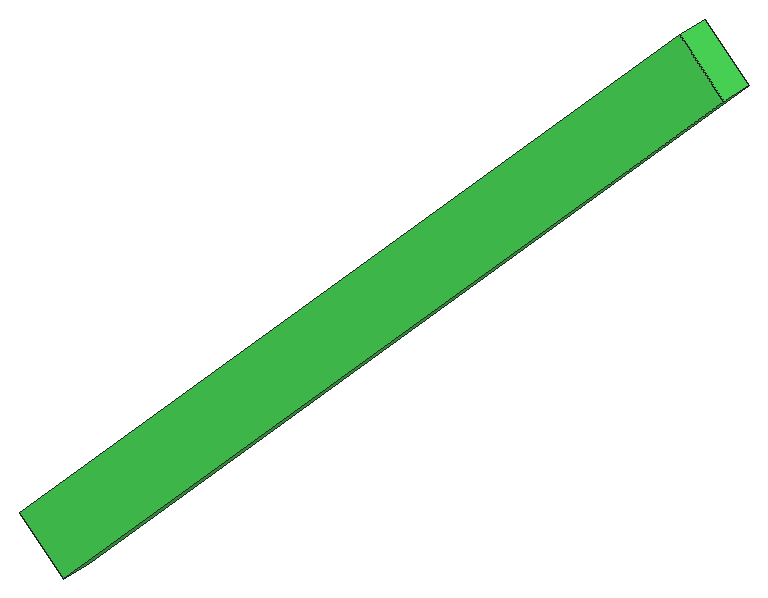
Revit family "機器サポート_H形鋼", category Generic Models, Revit 2020
Family settings
  Can host rebar = No
  Round Connector Dimension = Use Diameter
  Part Type = Normal
  Work Plane-Based = Yes
  Always vertical = No
  Cut with Voids When Loaded = No
  Shared = No
  Room Calculation Point = No
Parameters (values of type "Ｈ 100 x 50")
  高さ = 100 mm
  長辺 [instance] = 長さ  # 1500 mm
  長さ [instance] = 1500 mm
  部屋名 = ""
  角度 [instance] = 45.00°
  Default Elevation = 1219.2 mm
  構造マテリアル = E003_機器サポート
  幅 = 50 mm
Types (33, lengths in mm): name | 高さ | 長辺 | 長さ | 角度 | 幅
  Ｈ 900 x 300 | 900 | 1000 | 1000 | 45.00° | 300
  Ｈ 800 x 300 | 800 | 1000 | 1000 | 45.00° | 300
  Ｈ 700 x 300 | 700 | 1000 | 1000 | 45.00° | 300
  Ｈ 588 x 300 | 588 | 1000 | 1000 | 45.00° | 300
  Ｈ 600 x 200 | 600 | 1000 | 1000 | 45.00° | 200
  Ｈ 488 x 300 | 488 | 1000 | 1000 | 45.00° | 300
  Ｈ 500 x 200 | 500 | 1000 | 1000 | 45.00° | 200
  Ｈ 440 x 300 | 440 | 1000 | 1000 | 45.00° | 300
  Ｈ 450 x 200 | 450 | 1000 | 1000 | 90.00° | 200
  Ｈ 400 x 400 | 400 | 1000 | 1000 | 45.00° | 400
  Ｈ 390 x 300 | 390 | 1000 | 1000 | 45.00° | 300
  Ｈ 400 x 200 | 400 | 1000 | 1000 | 45.00° | 200
  Ｈ 350 x 350 | 350 | 1000 | 1000 | 45.00° | 350
  Ｈ 340 x 250 | 340 | 1000 | 1000 | 45.00° | 250
  Ｈ 294 x 200 | 294 | 1000 | 1000 | 45.00° | 200
  Ｈ 244 x 175 | 244 | 1000 | 1000 | 45.00° | 175
  Ｈ 350 x 175 | 350 | 1000 | 1000 | 45.00° | 175
  Ｈ 300 x 300 | 300 | 1000 | 1000 | 45.00° | 300
  Ｈ 300 x 150 | 300 | 1000 | 1000 | 45.00° | 150
  Ｈ 250 x 250 | 250 | 1000 | 1000 | 45.00° | 250
  Ｈ 250 x 125 | 250 | 1000 | 1000 | 45.00° | 125
  Ｈ 200 x 200 | 200 | 1000 | 1000 | 45.00° | 200
  Ｈ 194 x 150 | 194 | 1000 | 1000 | 45.00° | 150
  Ｈ 200 x 100 | 200 | 1000 | 1000 | 45.00° | 100
  Ｈ 175 x 175 | 175 | 1000 | 1000 | 45.00° | 175
  Ｈ 175 x 90 | 175 | 1000 | 1000 | 45.00° | 90
  Ｈ 150 x 150 | 150 | 500 | 500 | 45.00° | 150
  Ｈ 148 x 100 | 148 | 1000 | 1000 | 45.00° | 100
  Ｈ 150 x 75 | 150 | 1000 | 1000 | 45.00° | 75
  Ｈ 125 x 125 | 125 | 500 | 500 | 45.00° | 125
  Ｈ 125 x 60 | 125 | 1000 | 1000 | 45.00° | 60
  Ｈ 100 x100 | 100 | 500 | 500 | 45.00° | 100
  Ｈ 100 x 50 | 100 | 1500 | 1500 | 45.00° | 50
Reference planes
  plane 1 "中心(正面/背面)": y = 0
  plane 2: z = 0
  plane 3 "中心(左/右)": x = 0
Lines and regions (mm)
  reference lines
    curve 1: line (0, 0, 0) -> (777.817, 0, 777.817)
    curve 2: line (35.355, 0, -35.355) -> (-35.355, 0, 35.355)
    curve 3: line (1096.016, 0, 1025.305) -> (1025.305, 0, 1096.016)
Dimensions and locks
  equal spacing: curve 2, curve 1, curve 2
  "高さ": curve 2 to curve 2
  equal spacing: curve 3, curve 1, curve 3
  "高さ": curve 3 to curve 3
  "長さ": curve 3 to curve 2
  "角度": angle level to curve 1
  angle curve 2 to curve 1 = 90.00°
  angle curve 3 to curve 1 = 90.00°
  aligned and locked: level to plane 2
  aligned and locked: level to curve 1
  aligned and locked: plane 3 "中心(左/右)" to curve 1
  aligned and locked: nested 1 to curve 1
Nested families
  nested 1: "グレーチング_H形鋼 1" at (-35.355, 0, 35.355) x (0, 1, 0) z (0.7071, 0, -0.7071), 長さ <- "長さ", type "Ｈ 100 x 50"
    with 長辺 1500 mm, 長さ 1500 mm
Definition of nested family "グレーチング_H形鋼 1"
  Parameters (values of type "Ｈ 150 x 150")
    高さ = 150 mm
    長辺 [instance] = 長さ  # 500 mm
    長さ [instance] = 500 mm
    部屋名 = ""
    Default Elevation = 1219.2 mm
    構造マテリアル = none
    幅 = 150 mm
  Types (33, lengths in mm): name | 高さ | 長辺 | 長さ | 幅
    Ｈ 900 x 300 | 900 | 1000 | 1000 | 300
    Ｈ 800 x 300 | 800 | 1000 | 1000 | 300
    Ｈ 700 x 300 | 700 | 1000 | 1000 | 300
    Ｈ 588 x 300 | 588 | 1000 | 1000 | 300
    Ｈ 600 x 200 | 600 | 1000 | 1000 | 200
    Ｈ 488 x 300 | 488 | 1000 | 1000 | 300
    Ｈ 500 x 200 | 500 | 1000 | 1000 | 200
    Ｈ 440 x 300 | 440 | 1000 | 1000 | 300
    Ｈ 450 x 200 | 450 | 1000 | 1000 | 200
    Ｈ 400 x 400 | 400 | 1000 | 1000 | 400
    Ｈ 390 x 300 | 390 | 1000 | 1000 | 300
    Ｈ 400 x 200 | 400 | 1000 | 1000 | 200
    Ｈ 350 x 350 | 350 | 1000 | 1000 | 350
    Ｈ 340 x 250 | 340 | 1000 | 1000 | 250
    Ｈ 294 x 200 | 294 | 1000 | 1000 | 200
    Ｈ 244 x 175 | 244 | 1000 | 1000 | 175
    Ｈ 350 x 175 | 350 | 1000 | 1000 | 175
    Ｈ 300 x 300 | 300 | 1000 | 1000 | 300
    Ｈ 300 x 150 | 300 | 500 | 500 | 150
    Ｈ 250 x 250 | 250 | 500 | 500 | 250
    Ｈ 250 x 125 | 250 | 500 | 500 | 125
    Ｈ 200 x 200 | 200 | 500 | 500 | 200
    Ｈ 194 x 150 | 194 | 500 | 500 | 150
    Ｈ 200 x 100 | 200 | 500 | 500 | 100
    Ｈ 175 x 175 | 175 | 500 | 500 | 175
    Ｈ 175 x 90 | 175 | 500 | 500 | 90
    Ｈ 150 x 150 | 150 | 500 | 500 | 150
    Ｈ 148 x 100 | 148 | 500 | 500 | 100
    Ｈ 150 x 75 | 150 | 500 | 500 | 75
    Ｈ 125 x 125 | 125 | 500 | 500 | 125
    Ｈ 125 x 60 | 125 | 500 | 500 | 60
    Ｈ 100 x100 | 100 | 500 | 500 | 100
    Ｈ 100 x 50 | 100 | 500 | 500 | 50
  Reference planes
    plane 1 "中心(正面/背面)": y = 0
    plane 2: z = 0
    plane 3 "中心(左/右)": x = 0
    plane 4: z = 75
    plane 5: z = 150
  Forms (mm)
    Extrusion 1, solid, material <- "構造マテリアル"
      sketch origin (0, 0, 0) x (1, 0, 0) y (0, 1, 0)
        loop
          line (-75, 500) -> (-75, 0) -> (75, 0) -> (75, 500) -> (-75, 500)
      from 0 to 150
  Lines and regions (mm)
    reference lines
      curve 1: line (75, 500, 0) -> (-75, 500, 0)
      curve 2: line (75, 0, 0) -> (-75, 0, 0)
  Dimensions and locks
    "長さ": curve 1 to curve 2
    "幅": Extrusion 1 to Extrusion 1
    equal spacing: Extrusion 1, plane 3 "中心(左/右)", Extrusion 1
    "幅": curve 1 to curve 1
    equal spacing: curve 1, plane 3 "中心(左/右)", curve 1
    "幅": curve 2 to curve 2
    equal spacing: curve 2, plane 3 "中心(左/右)", curve 2
    equal spacing: plane 5, plane 4, level
    "高さ": plane 5 to level
    aligned and locked: level to plane 2
    aligned and locked: Extrusion 1 to curve 2
    aligned and locked: curve 1 to Extrusion 1
    aligned and locked: plane 5 to Extrusion 1
  Automatic sketch dimensions
    Extrusion 1 sketch curve to plane 3 "中心(左/右)" = 75 mm
    plane 3 "中心(左/右)" to Extrusion 1 sketch curve = 75 mm
    plane 1 "中心(正面/背面)" to Extrusion 1 sketch curve = 0 mm
    Extrusion 1 sketch curve to plane 1 "中心(正面/背面)" = 500 mm
    plane 1 "中心(正面/背面)" to curve 2 = 0 mm
